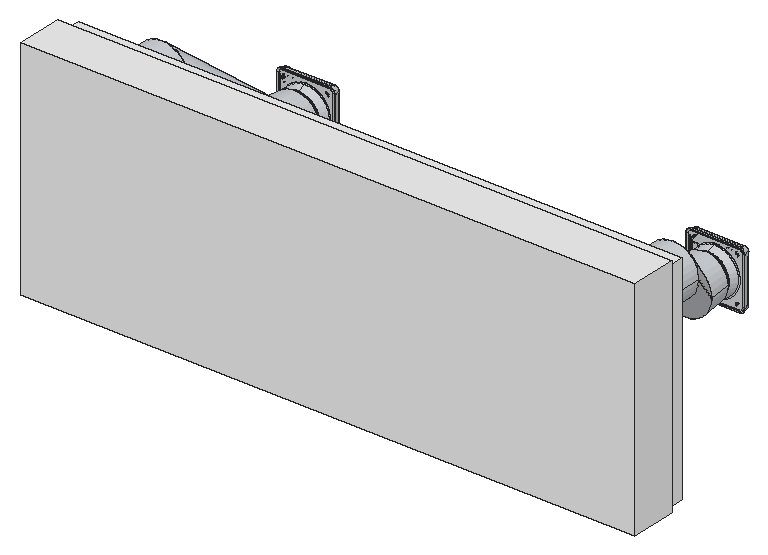
Revit family "57_CRD_ME_Sensa_H2X", category Mechanical Equipment, Revit 2020
Family settings
  Round Connector Dimension = Use Diameter
  Classification = None
  Part Type = Normal
  Work Plane-Based = Yes
  Always vertical = Yes
  Cut with Voids When Loaded = Yes
  Shared = No
  Room Calculation Point = Yes
Parameters (values of type "1320  x 485 x 142")
  voltage = 230 V  # constant formula
  schacht = yes
  ruimte_onder_unit = borstwering - hoogte  # 50 mm
  roosters_hoh_maat [instance] = 880 mm
  rooster_offset_X_rechts [instance] = roosters_hoh_maat - hoh_ventilatie_doorvoeren + rooster_offset_X_links  # -109 mm
  rooster_offset_X_links_vrij_invullen [instance] = 0 mm
  positie_wcd_uit_hart_unit = 750 mm  # constant formula
  rooster_offset_Y [instance] = -150 mm
  rooster_offset_X_links [instance] = if(hart_roosters_gelijk_aan_hart_unit, (hoh_ventilatie_doorvoeren - roosters_hoh_maat) / 2, rooster_offset_X_links_vrij_invullen)  # 109 mm
  muurrooster_waalformaat [instance] = not(muurrooster_vierkant)  # no
  muurrooster_vierkant [instance] = yes
  materiaal_rooster [instance] = none
  materiaal_unit [instance] = aluminium_RAL_9016
  materiaal_kanaal [instance] = none
  hart_roosters_gelijk_aan_hart_unit [instance] = yes
  dikte_binnenspouwblad [instance] = 100 mm
  lengte = 1320 mm  # constant formula
  hoogte = 485 mm  # constant formula
  hoh_ventilatie_doorvoeren = 549 mm * 2  # 1098 mm
  hart_wcd_tov_vloerpeil = 117 mm  # constant formula
  hart_doorvoer_tov_ok_kast = 367 mm  # constant formula
  eis_offset_Y [instance] = "negatief getal ivm ontwatering"  # constant formula
  dikte_spouwconstructie [instance] = 350 mm
  diepte = 142 mm  # constant formula
  diameter_aansluiting [instance] = if(connection_diameter_110, 110 mm, 150 mm)  # 110 mm
  debiet_m3h_maximaal [instance] = 125.00 m³  # constant formula
  debiet_m3h [instance] = 100.00 m³
  debiet_Ls [instance] = debiet_m3h / 3600.0 s  # 27.7778 L/s
  connection_diameter_150 [instance] = 1 > 2  # no
  connection_diameter_110 [instance] = 2 > 1  # yes
  borstwering = 535 mm
  Model = "Sensa H2X"  # constant formula
  Manufacturer = "ClimaRad"  # constant formula
  Description = "ClimaRad Sensa H2X ventilatie-unit"  # constant formula
  Default Elevation = 1219.2 mm
Reference planes
  plane 1 "Center (Front/Back)": y = 0
  plane 2: z = 0
  plane 3 "Center (Left/Right)": x = 0
  plane 4: x = -660
  plane 5: x = 660
  plane 6: y = -142
  plane 7 "onderkant": z = 50
  plane 8 "bovenkant": z = 535
  plane 9: y = 350
  plane 10: y = -42
  plane 11: x = -648
  plane 12: x = 648
  plane 13: z = 52.5
  plane 14: z = 517.5
  plane 15 "hart_doorvoer": z = 417
  plane 16: x = -549
  plane 17: x = 549
  plane 18: x = -750
  plane 19 "wcd": z = 117
Forms (mm)
  Extrusion 1, solid, material "aluminium_RAL_9016" <- "materiaal_unit"
    sketch origin (0, 0, 0) x (1, 0, 0) y (0, 0, 1)
      loop
        line (-660, 535) -> (-660, 50) -> (660, 50) -> (660, 535) -> (-660, 535)
    from 42 to 142
  Extrusion 2, solid, material "aluminium_RAL_9016" <- "materiaal_unit"
    sketch origin (0, 0, 0) x (1, 0, 0) y (0, 0, 1)
      loop
        line (-648, 517.5) -> (-648, 52.5) -> (648, 52.5) -> (648, 517.5) -> (-648, 517.5)
    from 0 to 42
Dimensions and locks
  equal spacing: plane 4, plane 3 "Center (Left/Right)", plane 5
  "lengte": plane 4 to plane 5
  "diepte": plane 6 to plane 1 "Center (Front/Back)"
  "hoogte": plane 8 "bovenkant" to plane 7 "onderkant"
  "borstwering": plane 8 "bovenkant" to plane 2
  "dikte_spouwconstructie": plane 9 to plane 1 "Center (Front/Back)"
  locked: plane 10 to plane 1 "Center (Front/Back)" at 42
  equal spacing: plane 11, plane 3 "Center (Left/Right)", plane 12
  plane 11 to plane 12 = 1296 mm
  locked: plane 8 "bovenkant" to plane 14 at 17.5
  locked: plane 13 to plane 7 "onderkant" at 2.5
  "hart_doorvoer_tov_ok_kast": plane 15 "hart_doorvoer" to plane 7 "onderkant"
  equal spacing: plane 17, plane 3 "Center (Left/Right)", plane 16
  "hoh_ventilatie_doorvoeren": plane 17 to plane 16
  "positie_wcd_uit_hart_unit": plane 3 "Center (Left/Right)" to plane 18
  "hart_wcd_tov_vloerpeil": plane 19 "wcd" to plane 2
  aligned and locked: level to plane 2
  aligned and locked: Extrusion 1 sketch curve to plane 8 "bovenkant"
  aligned and locked: plane 4 to Extrusion 1 sketch curve
  aligned and locked: Extrusion 1 sketch curve to plane 7 "onderkant"
  aligned and locked: Extrusion 1 sketch curve to plane 5
  aligned and locked: Extrusion 1 to plane 6
  aligned and locked: plane 10 to Extrusion 1
  aligned and locked: Extrusion 2 sketch curve to plane 14
  aligned and locked: plane 11 to Extrusion 2 sketch curve
  aligned and locked: plane 13 to Extrusion 2 sketch curve
  aligned and locked: Extrusion 2 sketch curve to plane 12
  aligned and locked: Extrusion 2 to plane 10
  aligned and locked: nested 1 to plane 1 "Center (Front/Back)"
  aligned and locked: nested 1 to plane 16
  aligned and locked: nested 3 to plane 1 "Center (Front/Back)"
  aligned and locked: nested 3 to plane 17
Nested families
  nested 1: "57_CRD_AT_aansluiting_muurrooster_flex" at (-549, 0, 417) x (-1, 0, 0) z (0, 0, 1), materiaal_rooster <- "materiaal_rooster", diepte <- "dikte_spouwconstructie", lengte_recht_deel_aansluiting <- "dikte_binnenspouwblad", offset_X <- "rooster_offset_X_rechts", offset_Y <- "rooster_offset_Y", Connection Diameter 150 <- "connection_diameter_150", muurrooster_waalformaat <- "muurrooster_waalformaat", materiaal_kanaal <- "materiaal_kanaal", type "Grille"
    with rekenwaarde_offset_Y 850 mm, rekenwaarde_offset_X 891 mm, offset_Y -150 mm, offset_X -109 mm, muurrooster_waalformaat no, muurrooster_vierkant yes, materiaal_rooster none, materiaal_kanaal none, lengte_recht_deel_aansluiting 100 mm, diepte 350 mm, Tube Length 320 mm, R 55 mm, Diameter 110 mm, Connection Diameter 150 no, Connection Diameter 110 yes, Connection Diameter 110 mm
  nested 2: "Square Grille" at (-440, 350.025, 267) x (-1, 0, 0) z (0, 0, 1), type "Square Grille"
    with materiaal none, Function Code ""
  nested 3: "57_CRD_AT_aansluiting_muurrooster_flex" at (549, 0, 417) x (-1, 0, 0) z (0, 0, 1), materiaal_rooster <- "materiaal_rooster", diepte <- "dikte_spouwconstructie", lengte_recht_deel_aansluiting <- "dikte_binnenspouwblad", offset_X <- "rooster_offset_X_links", offset_Y <- "rooster_offset_Y", Connection Diameter 150 <- "connection_diameter_150", muurrooster_waalformaat <- "muurrooster_waalformaat", materiaal_kanaal <- "materiaal_kanaal", type "Grille"
    with rekenwaarde_offset_Y 850 mm, rekenwaarde_offset_X 1109 mm, offset_Y -150 mm, offset_X 109 mm, muurrooster_waalformaat no, muurrooster_vierkant yes, materiaal_rooster none, materiaal_kanaal none, lengte_recht_deel_aansluiting 100 mm, diepte 350 mm, Tube Length 320 mm, R 55 mm, Diameter 110 mm, Connection Diameter 150 no, Connection Diameter 110 yes, Connection Diameter 110 mm
  nested 4: "Square Grille" at (440, 350.025, 267) x (-1, 0, 0) z (0, 0, 1), type "Square Grille"
    with materiaal none, Function Code ""
Connectors
  hvac at (-549, 0, 417), driven by "diameter_aansluiting", driven by "debiet_Ls"
    settings: on nested 1, index 3, duct flow 27.7778 L/s, flow factor 0, pres drop 0.0 Pa, loss coef 0, conn angle 0.00°, conn width 304.8 mm, conn height 304.8 mm, conn diameter 110 mm, duct sys type 2, conn prof type 0, flow config 1, flow direction 2, loss method 0, conn ref index -1, conn util no, is conn primary yes, conn desc ""
  hvac at (549, 0, 417), driven by "diameter_aansluiting", driven by "debiet_Ls"
    settings: on nested 3, index 4, duct flow 27.7778 L/s, flow factor 0, pres drop 0.0 Pa, loss coef 0, conn angle 0.00°, conn width 304.8 mm, conn height 304.8 mm, conn diameter 110 mm, duct sys type 1, conn prof type 0, flow config 1, flow direction 1, loss method 0, conn ref index -1, conn util no, is conn primary no, conn desc ""
  electrical at (0, 0, 285), driven by "voltage"
    settings: on Extrusion 2, index 5, voltage 230 V, apparent load 0 VA, apparent load phase1 0 VA, apparent load phase2 0 VA, apparent load phase3 0 VA, power factor 1, load classification "Other", number of poles 1, system type 31, power factor state 1, is connector primary yes, connector utility no, sub classification motor no, connector description ""
Definition of nested family "57_CRD_AT_aansluiting_muurrooster_flex"
  Parameters (values of type "Grille")
    rekenwaarde_offset_Y [instance] = offset_Y + 1000 mm  # 1850 mm
    rekenwaarde_offset_X [instance] = offset_X + 1000 mm  # 1850 mm
    offset_Y [instance] = 850 mm
    offset_X [instance] = 850 mm
    muurrooster_waalformaat [instance] = yes
    muurrooster_vierkant [instance] = not(muurrooster_waalformaat)  # no
    materiaal_rooster [instance] = none
    materiaal_kanaal [instance] = none
    lengte_recht_deel_aansluiting [instance] = 100 mm
    diepte [instance] = 600 mm
    Width = 210 mm
    Watermarked By = ""
    URL = "www.stabiplan.com"
    Tube Length [instance] = if(muurrooster_waalformaat, diepte - 80 mm, diepte - 30 mm)  # 520 mm
    R [instance] = Connection Diameter / 2  # 75 mm
    Model = ""
    Manufacturer = "ClimaRad"  # constant formula
    IFCExportType = "GRILLE"  # constant formula
    IFCExportAs = "IfcAirTerminal"  # constant formula
    Height = 53 mm
    Diameter [instance] = Connection Diameter  # 150 mm
    Description = ""
    Depth = 7.5 mm
    Default Elevation = 1219.2 mm
    Connection Diameter 150 [instance] = yes
    Connection Diameter 110 [instance] = not(Connection Diameter 150)  # no
    Connection Diameter [instance] = if(Connection Diameter 110, 110 mm, 150 mm)  # 150 mm
    Keynote = "﻿﻿​        ﻿﻿  ﻿ ﻿   ﻿ ﻿ ﻿     ﻿   ﻿ ﻿  ﻿﻿ ﻿     ​                      ﻿     ﻿     ​         ​              ﻿                           ​﻿﻿"
    Type Comments = "﻿﻿​        ﻿﻿  ﻿ ﻿   ﻿ ﻿ ﻿     ﻿   ﻿ ﻿  ﻿﻿ ﻿     ​                      ﻿     ﻿     ​         ​              ﻿                           ​﻿﻿"
    Assembly Code = "﻿﻿​        ﻿﻿  ﻿ ﻿   ﻿ ﻿ ﻿     ﻿   ﻿ ﻿  ﻿﻿ ﻿     ​                      ﻿     ﻿     ​         ​              ﻿                           ​﻿﻿"
  Reference planes
    plane 1 "Center (Front/Back)": y = 0
    plane 2: z = 0
    plane 3 "Center (Left/Right)": x = 0
    plane 4: y = -340.025
    plane 5: x = 43
    plane 6: x = -43
    plane 7 "achterkant_rooster": y = -520
    plane 8: x = -1000
    plane 9: z = -1000
    plane 10: x = 850
    plane 11 "level_muurrooster": z = 850
    plane 12 "asp_rooster": y = -470.025
    plane 13 "ventura_ASP": y = -100
    plane 14: y = -550.025
    plane 15: y = -600.025
  Forms (mm)
    Extrusion 1, solid, material <- "materiaal_kanaal"
      sketch origin (0, -100, 0) x (-1, 0, 0) y (0, 0, 1)
        loop
          circle (0, 0) r 75
      from 0 to 100
    Blend 2, solid, material <- "materiaal_kanaal"
      base sketch origin (0, -100, 0) x (-1, 0, 0) y (0, 0, 1)
        loop
          circle (0, 0) r 75
      top sketch origin (0, -470.025, 0) x (-1, 0, 0) y (0, 0, 1)
        loop
          circle (-850, 850.501) r 75
      from 0 to 0
    SweptBlend 3, solid, material <- "materiaal_kanaal"
      path origin (0, -430.025, 850) x (-1, 0, 0) y (0, -1, 0)
        loop
          line (-850, 40) -> (-850, 89.975)
      profile origin (850, -470.025, 850) x (1, 0, 0) y (0, 0, 1)
        loop
          circle (0, 0.501) r 75
      end profile origin (850, -520, 850) x (1, 0, 0) y (0, 0, 1)
        loop
          circle (0, 0.501) r 50
  Lines and regions (mm)
    model lines
      curve 1: line (850, -470.025, 850) -> (850, -520, 850)
  Dimensions and locks
    equal spacing: plane 6, plane 3 "Center (Left/Right)", plane 5
    locked: plane 6 to plane 5 at 86
    plane 1 "Center (Front/Back)" to plane 4 = 340.025 mm
    plane 7 "achterkant_rooster" to plane 1 "Center (Front/Back)" = 520 mm
    locked: plane 3 "Center (Left/Right)" to plane 8 at 1000
    locked: plane 2 to plane 9 at 1000
    "rekenwaarde_offset_Y": plane 11 "level_muurrooster" to plane 9
    "rekenwaarde_offset_X": plane 10 to plane 8
    locked: plane 14 to plane 15 at 50
    "Tube Length": plane 7 "achterkant_rooster" to plane 1 "Center (Front/Back)"
    locked: plane 7 "achterkant_rooster" to plane 12 "asp_rooster" at 49.975
    locked: plane 15 to plane 7 "achterkant_rooster" at 80.025
    "lengte_recht_deel_aansluiting": plane 1 "Center (Front/Back)" to plane 13 "ventura_ASP"
    "Diameter": diameter of Extrusion 1 sketch curve
    "Diameter": diameter of Blend 2 sketch curve  (x2)
    "Diameter": diameter of SweptBlend 3 sketch curve
    aligned and locked: level to plane 2
    aligned and locked: plane 7 "achterkant_rooster" to SweptBlend 3 sketch curve
    aligned and locked: SweptBlend 3 sketch curve to plane 12 "asp_rooster"
    aligned and locked: plane 10 to nested 1
    aligned and locked: plane 14 to nested 2
    aligned and locked: plane 10 to nested 2
    aligned and locked: plane 15 to nested 1
    aligned and locked: Extrusion 1 to plane 1 "Center (Front/Back)"
  Automatic sketch dimensions
    plane 7 "achterkant_rooster" to curve 1 = 0 mm
    curve 1 to plane 10 = 0 mm
    curve 1 to plane 12 "asp_rooster" = 0 mm
    SweptBlend 3 sketch curve to plane 10 = 0 mm
    profile plane to SweptBlend 3 sketch curve = 0 mm  (x2)
    plane 11 "level_muurrooster" to SweptBlend 3 sketch curve = 0.501 mm  (x2)
    Extrusion 1 sketch curve to level = 0 mm
    Extrusion 1 sketch curve to plane 3 "Center (Left/Right)" = 0 mm
    Blend 2 sketch curve to level = 0 mm
    Blend 2 sketch curve to plane 3 "Center (Left/Right)" = 0 mm
    Blend 2 sketch curve to Blend 2 sketch curve = 0 mm  (x2)
    plane 10 to Blend 2 sketch curve = 0 mm
    plane 11 "level_muurrooster" to Blend 2 sketch curve = 0.501 mm
    radius of SweptBlend 3 sketch curve = 50 mm
  Nested families
    nested 1: "Rectangular Grille" at (850, -600.025, 850), materiaal <- "materiaal_rooster", visible <- "muurrooster_waalformaat", type "Rectangular Grille"
      with materiaal none, Function Code "", Default Elevation 0 mm
    nested 2: "Square Grille" at (850, -550.025, 850), materiaal <- "materiaal_rooster", visible <- "muurrooster_vierkant", type "Square Grille"
      with materiaal none, Function Code ""
  Definition of nested family "Rectangular Grille"
    Parameters (values of type "Rectangular Grille")
      Width = 210 mm
      Wholesaler Art. No. = ""
      Wholesaler = ""
      materiaal [instance] = none
      Watermarked By = "www.stabiplan.com"
      URL = "www.stabiplan.com"
      Type Comments = "﻿﻿ ﻿ ﻿﻿﻿﻿﻿﻿          ​          ﻿       ﻿   ﻿  ﻿  ﻿  ﻿​     ​​  ​​   ​​   ﻿﻿     ​      ​​  ​​      ﻿     ﻿   ﻿      ﻿  ﻿﻿"
      Stabu Code = ""
      Revit Version = "2014"  # constant formula
      Product Line = "ClimaRad"
      Model = "53x210"
      Manufacturer URL = "www.climarad.com"
      Manufacturer Art. No. = "3511103"
      Manufacturer = "ClimaRad"
      MEPcontent Class = "GRILLE"  # constant formula
      Keynote = "﻿﻿ ﻿ ﻿﻿﻿﻿﻿﻿          ​          ﻿       ﻿   ﻿  ﻿  ﻿  ﻿​     ​​  ​​   ​​   ﻿﻿     ​      ​​  ​​      ﻿     ﻿   ﻿      ﻿  ﻿﻿"
      Internal Art. No. = ""
      IFCExportType = "GRILLE"  # constant formula
      IFCExportAs = "IfcAirTerminalType"  # constant formula
      Height = 53 mm
      GTIN = ""
      Function Code [instance] = ""
      Family Version = "10.04"  # constant formula
      ETIM Article Class = "EC001297"
      EMCS Version = "2.0"  # constant formula
      Description = "Aluminium brick"
      Depth = 7.5 mm
      Default Elevation = 1219.2 mm
      Custom = no
      Copyright = "© Stabiplan International BV"  # constant formula
      Content Supplier URL = "www.mepcontent.eu"
      CB-NL Class = ""
      Assembly Code = "﻿﻿ ﻿ ﻿﻿﻿﻿﻿﻿          ​          ﻿       ﻿   ﻿  ﻿  ﻿  ﻿​     ​​  ​​   ​​   ﻿﻿     ​      ​​  ​​      ﻿     ﻿   ﻿      ﻿  ﻿﻿"
      Article Type = "53x210"
      Article Description = "Aluminium brick"
    Reference planes
      plane 1 "Center (Front/Back)": y = 0
      plane 2: z = 0
      plane 3 "Center (Left/Right)": x = 0
      plane 4: y = 90
    Forms (mm)
      Revolve 1, solid, material <- "materiaal", detail levels fine
        sketch origin (0, 50, 0) x (0, 1, 0) y (0, 0, 1)
          loop
            arc (39.018, 42.11) -> (39.963, 43.055) -> (39.018, 44) r 0.945
            line (39.018, 44) -> (38.22, 44)
            arc (38.22, 44) -> (37.144, 44.34) -> (36.461, 45.238) r 1.868
            line (36.461, 45.238) -> (36.176, 46.035)
            arc (36.176, 46.035) -> (35.58, 46.509) -> (34.985, 46.035) r 0.611
            line (34.985, 46.035) -> (34.985, 44.473)
            arc (34.985, 44.473) -> (34.391, 43.99) -> (33.796, 44.473) r 0.607
            line (33.796, 44.473) -> (33.796, 46.019)
            arc (33.796, 46.019) -> (33.188, 46.501) -> (32.58, 46.019) r 0.625
            line (32.58, 46.019) -> (32.287, 45.206)
            arc (32.287, 45.206) -> (31.587, 44.307) -> (30.491, 43.995) r 1.834
            line (30.491, 43.995) -> (29.298, 43.995)
            arc (29.298, 43.995) -> (28.157, 44.349) -> (27.417, 45.286) r 2.015
            line (27.417, 45.286) -> (27.157, 46.035)
            arc (27.157, 46.035) -> (26.562, 46.509) -> (25.966, 46.035) r 0.611
            line (25.966, 46.035) -> (25.966, 44.473)
            arc (25.966, 44.473) -> (25.372, 43.99) -> (24.777, 44.473) r 0.607
            line (24.777, 44.473) -> (24.777, 46.019)
            arc (24.777, 46.019) -> (24.169, 46.501) -> (23.561, 46.019) r 0.625
            line (23.561, 46.019) -> (23.268, 45.206)
            arc (23.268, 45.206) -> (22.536, 44.329) -> (21.442, 44) r 1.985
            line (21.442, 44) -> (0, 44) -> (0, 42.11) -> (39.018, 42.11)
          axis (39.018, 0) -> (0, 0)
        angle from 0 to 360
      Sweep 2, solid, material <- "materiaal", detail levels fine
        path origin (0, 0, 0) x (1, 0, 0) y (0, 0, 1)
          loop
            line (-104, 25.5) -> (-104, -25.5) -> (104, -25.5) -> (104, 25.5) -> (-104, 25.5)
        profile origin (0, 0, 25.5) x (0, 0, 1) y (0, -1, 0)
          loop
            line (-3.5, 6.5) -> (-0.973, 6.5)
            arc (-0.973, 6.5) -> (-0.285, 6.215) -> (0, 5.527) r 0.973
            line (0, 5.527) -> (0, 0) -> (1, 0) -> (1, 5.549)
            arc (1, 5.549) -> (0.429, 6.929) -> (-0.951, 7.5) r 1.951
            line (-0.951, 7.5) -> (-3.5, 7.5) -> (-3.5, 6.5)
      Extrusion 3, solid, material <- "materiaal", detail levels fine
        sketch origin (0, 0, 0) x (0, 1, 0) y (0, 0, 1)
          loop
            line (13.466, 12.788) -> (0.018, 16.392)
            arc (0.018, 16.392) -> (-0.847, 16.43) -> (-1.647, 16.098) r 2
            line (-1.647, 16.098) -> (-7.5, 12) -> (-6.926, 11.181) -> (-1.074, 15.279)
            arc (-1.074, 15.279) -> (-0.674, 15.445) -> (-0.241, 15.426) r 1
            line (-0.241, 15.426) -> (13.207, 11.822) -> (13.466, 12.788)
          loop
            line (13.466, 0.788) -> (0.018, 4.392)
            arc (0.018, 4.392) -> (-0.847, 4.43) -> (-1.647, 4.098) r 2
            line (-1.647, 4.098) -> (-7.5, 0) -> (-6.926, -0.819) -> (-1.074, 3.279)
            arc (-1.074, 3.279) -> (-0.674, 3.445) -> (-0.241, 3.426) r 1
            line (-0.241, 3.426) -> (13.207, -0.178) -> (13.466, 0.788)
          loop
            line (13.466, -11.212) -> (0.018, -7.608)
            arc (0.018, -7.608) -> (-0.847, -7.57) -> (-1.647, -7.902) r 2
            line (-1.647, -7.902) -> (-7.5, -12) -> (-6.926, -12.819) -> (-1.074, -8.721)
            arc (-1.074, -8.721) -> (-0.674, -8.555) -> (-0.241, -8.574) r 1
            line (-0.241, -8.574) -> (13.207, -12.178) -> (13.466, -11.212)
        from -99.5 to 99.5
      Extrusion 4, solid, material <- "materiaal", detail levels fine
        sketch origin (0, 0, 0) x (1, 0, 0) y (0, 1, 0)
          loop
            line (-104, 0) -> (-104, -4.5)
            arc (-104, -4.5) -> (-103.414, -5.914) -> (-102, -6.5) r 2
            line (-102, -6.5) -> (-100.377, -6.5)
            arc (-100.377, -6.5) -> (-99.058, -6.004) -> (-98.394, -4.761) r 2
            line (-98.394, -4.761) -> (-95.626, 16.266)
            arc (-95.626, 16.266) -> (-95.531, 17.224) -> (-95.5, 18.185) r 14.704
            line (-95.5, 18.185) -> (-95.5, 30.5) -> (-96.5, 30.5) -> (-96.5, 18.368)
            arc (-96.5, 18.368) -> (-96.535, 17.29) -> (-96.641, 16.216) r 16.483
            line (-96.641, 16.216) -> (-99.386, -4.631)
            arc (-99.386, -4.631) -> (-99.718, -5.252) -> (-100.377, -5.5) r 1
            line (-100.377, -5.5) -> (-102, -5.5)
            arc (-102, -5.5) -> (-102.707, -5.207) -> (-103, -4.5) r 1
            line (-103, -4.5) -> (-103, 0) -> (-104, 0)
          loop
            line (104, 0) -> (103, 0) -> (103, -4.5)
            arc (103, -4.5) -> (102.707, -5.207) -> (102, -5.5) r 1
            line (102, -5.5) -> (100.377, -5.5)
            arc (100.377, -5.5) -> (99.718, -5.252) -> (99.386, -4.631) r 1
            line (99.386, -4.631) -> (96.641, 16.216)
            arc (96.641, 16.216) -> (96.535, 17.29) -> (96.5, 18.368) r 16.483
            line (96.5, 18.368) -> (96.5, 30.5) -> (95.5, 30.5) -> (95.5, 18.185)
            arc (95.5, 18.185) -> (95.531, 17.224) -> (95.626, 16.266) r 14.704
            line (95.626, 16.266) -> (98.394, -4.761)
            arc (98.394, -4.761) -> (99.058, -6.004) -> (100.377, -6.5) r 2
            line (100.377, -6.5) -> (102, -6.5)
            arc (102, -6.5) -> (103.414, -5.914) -> (104, -4.5) r 2
            line (104, -4.5) -> (104, 0)
        from -22.5 to 22.483
      Extrusion 5, void
        sketch origin (0, 0, 0) x (0, 1, 0) y (0, 0, 1)
          loop
            line (28.768, 10) -> (30.5, 9) -> (30.5, 22.483) -> (11.436, 22.483) -> (15.5, 20.116) -> (15.5, 10) -> (28.768, 10)
          loop
            line (28.768, -10) -> (15.5, -10) -> (15.5, -20.116) -> (11.436, -22.483) -> (30.5, -22.483) -> (30.5, -9) -> (28.768, -10)
        from -105 to 105
      Extrusion 6, solid, material <- "materiaal", detail levels fine
        sketch origin (0, 120.385, -0.738) x (0, 1, 0) y (0, 0, 1)
          loop
            line (-119.375, 17.238) -> (-106.375, 13.755) -> (-106.375, 11.722) -> (-119.375, 8.238) -> (-119.375, 5.238) -> (-106.375, 1.755) -> (-106.375, -0.278) -> (-119.375, -3.762) -> (-119.375, -6.762) -> (-106.375, -10.245) -> (-106.375, -12.278) -> (-119.375, -15.762) -> (-119.375, -21.951) -> (-88.885, -21.684) -> (-88.885, 23.161) -> (-119.375, 23.427) -> (-119.375, 17.238)
        from -30.489 to -29.481
      Extrusion 7, solid, material <- "materiaal", detail levels fine
        sketch origin (0, 120.385, -0.738) x (0, 1, 0) y (0, 0, -1)
          loop
            line (-119.375, -17.238) -> (-119.375, -23.427) -> (-88.885, -23.161) -> (-88.885, 21.684) -> (-119.375, 21.951) -> (-119.375, 15.762) -> (-106.375, 12.278) -> (-106.375, 10.245) -> (-119.375, 6.762) -> (-119.375, 3.762) -> (-106.375, 0.278) -> (-106.375, -1.755) -> (-119.375, -5.238) -> (-119.375, -8.238) -> (-106.375, -11.722) -> (-106.375, -13.755) -> (-119.375, -17.238)
        from -30.489 to -29.481
      Extrusion 8, solid, material <- "materiaal", detail levels fine
        sketch origin (0, 0, 0) x (1, 0, 0) y (0, 0, 1)
          loop
            line (-104, 25.5) -> (-104, -25.5) -> (104, -25.5) -> (104, 25.5) -> (-104, 25.5)
          loop
            line (-103, 24.5) -> (-103, -24.5) -> (103, -24.5) -> (103, 24.5) -> (-103, 24.5)
        from 0 to -30.5
      SweptBlend 9, solid, material <- "materiaal", detail levels fine
        path in 3D
          loop
            line (0, 50, 0) -> (0, 30.5, 0)
        profile origin (0, 50, 0) x (1, 0, 0) y (0, 0, 1)
          loop
            arc (-32.665, 29.479) -> (-43.863, -3.472) -> (-27.619, -34.252) r 44
            arc (-27.619, -34.252) -> (-3.022, -43.896) -> (22.666, -37.713) r 44
            arc (22.666, -37.713) -> (43.292, -7.859) -> (34.475, 27.34) r 44
            arc (34.475, 27.34) -> (1.401, 43.978) -> (-32.665, 29.479) r 44
        end profile origin (0, 30.5, 0) x (1, 0, 0) y (0, 0, 1)
          loop
            line (-104, 25.5) -> (-104, -25.5) -> (104, -25.5) -> (104, 25.5) -> (-104, 25.5)
      Extrusion 10, solid, detail levels coarse+medium
        sketch origin (0, 0, 0) x (1, 0, 0) y (0, 0, 1)
          loop
            circle (0, 0) r 46.019
        from -90 to -50
      Extrusion 11, solid, detail levels coarse+medium
        sketch origin (0, 0, 0) x (1, 0, 0) y (0, 1, 0)
          loop
            line (-105, -7.5) -> (105, -7.5) -> (105, 30.18) -> (44, 50) -> (-44, 50) -> (-105, 30.18) -> (-105, -7.5)
        from -26.5 to 26.5
    Cuts and joins
      Extrusion 5 cuts Revolve 1
      Extrusion 5 cuts Extrusion 4
    Lines and regions (mm)
      sketch lines
        curve 1: line (0, 50, 0) -> (0, 30.5, 0)
    Dimensions and locks
      plane 1 "Center (Front/Back)" to plane 4 = 90 mm
      Extrusion 11 sketch curve to plane 1 "Center (Front/Back)" = 7.5 mm
      Extrusion 11 sketch curve to plane 3 "Center (Left/Right)" to Extrusion 11 sketch curve = 105 mm, 105 mm
      diameter of Extrusion 10 sketch curve = 92.038 mm
      aligned and locked: level to plane 2
      aligned and locked: Sweep 2 to Extrusion 5  (x2)
      aligned and locked: plane 4 to Extrusion 10
      aligned and locked: Extrusion 11 to Sweep 2  (x2)
  Definition of nested family "Square Grille"
    Parameters (values of type "Square Grille")
      Width = 127 mm
      Wholesaler Art. No. = ""
      Wholesaler = ""
      materiaal [instance] = none
      Watermarked By = "www.stabiplan.com"
      URL = "www.stabiplan.com"
      Type Comments = "﻿﻿  ​                        ﻿﻿       ​      ﻿      ﻿                  ﻿                         ﻿​  ​ ﻿      ​   ﻿﻿"
      Stabu Code = ""
      Revit Version = "2014"  # constant formula
      Product Line = "ClimaRad"
      Model = "127x127"
      Manufacturer URL = "www.climarad.com"
      Manufacturer Art. No. = "3511203"
      Manufacturer = "ClimaRad"
      MEPcontent Class = "GRILLE"  # constant formula
      Keynote = "﻿﻿  ​                        ﻿﻿       ​      ﻿      ﻿                  ﻿                         ﻿​  ​ ﻿      ​   ﻿﻿"
      Internal Art. No. = ""
      IFCExportType = "GRILLE"  # constant formula
      IFCExportAs = "IfcAirTerminalType"  # constant formula
      Height = 127 mm
      GTIN = ""
      Function Code [instance] = ""
      Family Version = "10.04"  # constant formula
      ETIM Article Class = "EC001297"
      EMCS Version = "2.0"  # constant formula
      Description = "Aluminium set up grid"
      Depth = 14 mm
      Default Elevation = 1219.2 mm
      Custom = no
      Copyright = "© Stabiplan International BV"  # constant formula
      Content Supplier URL = "www.mepcontent.eu"
      CB-NL Class = ""
      Assembly Code = ""
      Article Type = "127x127"
      Article Description = "Aluminium set up grid"
    Reference planes
      plane 1 "Center (Front/Back)": y = 0
      plane 2: z = 0
      plane 3 "Center (Left/Right)": x = 0
    Forms (mm)
      Revolve 1, solid, material <- "materiaal", detail levels fine
        sketch origin (0, 0, 0) x (0, 1, 0) y (0, 0, 1)
          loop
            arc (39.018, 42.11) -> (39.963, 43.055) -> (39.018, 44) r 0.945
            line (39.018, 44) -> (38.22, 44)
            arc (38.22, 44) -> (37.144, 44.34) -> (36.461, 45.238) r 1.868
            line (36.461, 45.238) -> (36.176, 46.035)
            arc (36.176, 46.035) -> (35.58, 46.509) -> (34.985, 46.035) r 0.611
            line (34.985, 46.035) -> (34.985, 44.473)
            arc (34.985, 44.473) -> (34.391, 43.99) -> (33.796, 44.473) r 0.607
            line (33.796, 44.473) -> (33.796, 46.019)
            arc (33.796, 46.019) -> (33.188, 46.501) -> (32.58, 46.019) r 0.625
            line (32.58, 46.019) -> (32.287, 45.206)
            arc (32.287, 45.206) -> (31.587, 44.307) -> (30.491, 43.995) r 1.834
            line (30.491, 43.995) -> (29.298, 43.995)
            arc (29.298, 43.995) -> (28.157, 44.349) -> (27.417, 45.286) r 2.015
            line (27.417, 45.286) -> (27.157, 46.035)
            arc (27.157, 46.035) -> (26.562, 46.509) -> (25.966, 46.035) r 0.611
            line (25.966, 46.035) -> (25.966, 44.473)
            arc (25.966, 44.473) -> (25.372, 43.99) -> (24.777, 44.473) r 0.607
            line (24.777, 44.473) -> (24.777, 46.019)
            arc (24.777, 46.019) -> (24.169, 46.501) -> (23.561, 46.019) r 0.625
            line (23.561, 46.019) -> (23.268, 45.206)
            arc (23.268, 45.206) -> (22.536, 44.329) -> (21.442, 44) r 1.985
            line (21.442, 44) -> (20.411, 44)
            arc (20.411, 44) -> (19.937, 44.038) -> (19.476, 44.149) r 3.01
            line (19.476, 44.149) -> (1.763, 49.941)
            arc (1.763, 49.941) -> (0.593, 50.723) -> (0, 52) r 2.607
            line (0, 52) -> (0, 48.544) -> (17.33, 42.775)
            arc (17.33, 42.775) -> (19.355, 42.277) -> (21.434, 42.11) r 12.994
            line (21.434, 42.11) -> (39.018, 42.11)
          axis (39.018, 0) -> (0, 0)
        angle from 0 to 360
      Sweep 2, solid, material <- "materiaal", detail levels fine
        path origin (0, 0, 0) x (1, 0, 0) y (0, 0, 1)
          loop
            arc (-53.079, -51.114) -> (-52.503, -52.503) -> (-51.114, -53.079) r 1.965
            line (-51.114, -53.079) -> (51.075, -53.079)
            arc (51.075, -53.079) -> (52.492, -52.492) -> (53.079, -51.075) r 2.004
            line (53.079, -51.075) -> (53.079, 51.126)
            arc (53.079, 51.126) -> (52.507, 52.507) -> (51.126, 53.079) r 1.953
            line (51.126, 53.079) -> (-51.079, 53.079)
            arc (-51.079, 53.079) -> (-52.493, 52.493) -> (-53.079, 51.079) r 2
            line (-53.079, 51.079) -> (-53.079, -51.114)
        profile origin (-53.079, 0, -0.018) x (-1, 0, 0) y (0, -1, 0)
          loop
            line (9.386, 0) -> (10.421, 0) -> (7.067, 12.518)
            arc (7.067, 12.518) -> (6.353, 13.587) -> (5.135, 14) r 2
            line (5.135, 14) -> (3.864, 14)
            arc (3.864, 14) -> (2.455, 13.438) -> (1.82, 12.06) r 2.048
            line (1.82, 12.06) -> (1.498, 5.921)
            arc (1.498, 5.921) -> (1.033, 4.912) -> (0, 4.5) r 1.5
            line (0, 4.5) -> (0, 3.5)
            arc (0, 3.5) -> (1.721, 4.187) -> (2.497, 5.869) r 2.5
            line (2.497, 5.869) -> (2.821, 12.065)
            arc (2.821, 12.065) -> (3.095, 12.726) -> (3.757, 13) r 0.935
            line (3.757, 13) -> (5.135, 13)
            arc (5.135, 13) -> (5.744, 12.793) -> (6.101, 12.259) r 1
            line (6.101, 12.259) -> (9.386, 0)
      Extrusion 3, solid, material <- "materiaal", detail levels fine
        sketch origin (0, 0, 0) x (0, 1, 0) y (0, 0, 1)
          loop
            line (-4.5, 53.079) -> (-4.5, 50.079)
            arc (-4.5, 50.079) -> (-4.657, 49.541) -> (-5.077, 49.172) r 1
            line (-5.077, 49.172) -> (-9.609, 47.059)
            arc (-9.609, 47.059) -> (-11.811, 45.657) -> (-13.574, 43.732) r 10
            line (-13.574, 43.732) -> (-12.755, 43.158)
            arc (-12.755, 43.158) -> (-11.168, 44.891) -> (-9.186, 46.153) r 9
            line (-9.186, 46.153) -> (-4.655, 48.266)
            arc (-4.655, 48.266) -> (-3.858, 48.933) -> (-3.5, 49.908) r 2.015
            line (-3.5, 49.908) -> (-3.5, 53.079) -> (-4.5, 53.079)
          loop
            line (-4.5, 38.479) -> (-4.5, 35.479)
            arc (-4.5, 35.479) -> (-4.657, 34.941) -> (-5.077, 34.572) r 1
            line (-5.077, 34.572) -> (-9.609, 32.459)
            arc (-9.609, 32.459) -> (-11.811, 31.057) -> (-13.574, 29.132) r 10
            line (-13.574, 29.132) -> (-12.755, 28.558)
            arc (-12.755, 28.558) -> (-11.168, 30.291) -> (-9.186, 31.553) r 9
            line (-9.186, 31.553) -> (-4.655, 33.666)
            arc (-4.655, 33.666) -> (-3.858, 34.333) -> (-3.5, 35.308) r 2.015
            line (-3.5, 35.308) -> (-3.5, 38.479) -> (-4.5, 38.479)
          loop
            line (-4.5, 23.879) -> (-4.5, 20.879)
            arc (-4.5, 20.879) -> (-4.657, 20.341) -> (-5.077, 19.972) r 1
            line (-5.077, 19.972) -> (-9.609, 17.859)
            arc (-9.609, 17.859) -> (-11.811, 16.457) -> (-13.574, 14.532) r 10
            line (-13.574, 14.532) -> (-12.755, 13.958)
            arc (-12.755, 13.958) -> (-11.168, 15.691) -> (-9.186, 16.953) r 9
            line (-9.186, 16.953) -> (-4.655, 19.066)
            arc (-4.655, 19.066) -> (-3.858, 19.733) -> (-3.5, 20.708) r 2.015
            line (-3.5, 20.708) -> (-3.5, 23.879) -> (-4.5, 23.879)
          loop
            line (-4.5, 9.279) -> (-4.5, 6.279)
            arc (-4.5, 6.279) -> (-4.657, 5.741) -> (-5.077, 5.372) r 1
            line (-5.077, 5.372) -> (-9.609, 3.259)
            arc (-9.609, 3.259) -> (-11.811, 1.857) -> (-13.574, -0.068) r 10
            line (-13.574, -0.068) -> (-12.755, -0.642)
            arc (-12.755, -0.642) -> (-11.168, 1.091) -> (-9.186, 2.353) r 9
            line (-9.186, 2.353) -> (-4.655, 4.466)
            arc (-4.655, 4.466) -> (-3.858, 5.133) -> (-3.5, 6.108) r 2.015
            line (-3.5, 6.108) -> (-3.5, 9.279) -> (-4.5, 9.279)
          loop
            line (-4.5, -5.321) -> (-4.5, -8.321)
            arc (-4.5, -8.321) -> (-4.657, -8.859) -> (-5.077, -9.228) r 1
            line (-5.077, -9.228) -> (-9.609, -11.341)
            arc (-9.609, -11.341) -> (-11.811, -12.743) -> (-13.574, -14.668) r 10
            line (-13.574, -14.668) -> (-12.755, -15.242)
            arc (-12.755, -15.242) -> (-11.168, -13.509) -> (-9.186, -12.247) r 9
            line (-9.186, -12.247) -> (-4.655, -10.134)
            arc (-4.655, -10.134) -> (-3.858, -9.467) -> (-3.5, -8.492) r 2.015
            line (-3.5, -8.492) -> (-3.5, -5.321) -> (-4.5, -5.321)
          loop
            line (-4.5, -19.921) -> (-4.5, -22.921)
            arc (-4.5, -22.921) -> (-4.657, -23.459) -> (-5.077, -23.828) r 1
            line (-5.077, -23.828) -> (-9.609, -25.941)
            arc (-9.609, -25.941) -> (-11.811, -27.343) -> (-13.574, -29.268) r 10
            line (-13.574, -29.268) -> (-12.755, -29.842)
            arc (-12.755, -29.842) -> (-11.168, -28.109) -> (-9.186, -26.847) r 9
            line (-9.186, -26.847) -> (-4.655, -24.734)
            arc (-4.655, -24.734) -> (-3.858, -24.067) -> (-3.5, -23.092) r 2.015
            line (-3.5, -23.092) -> (-3.5, -19.921) -> (-4.5, -19.921)
          loop
            line (-4.5, -34.521) -> (-4.5, -37.521)
            arc (-4.5, -37.521) -> (-4.657, -38.059) -> (-5.077, -38.428) r 1
            line (-5.077, -38.428) -> (-9.609, -40.541)
            arc (-9.609, -40.541) -> (-11.811, -41.943) -> (-13.574, -43.868) r 10
            line (-13.574, -43.868) -> (-12.755, -44.442)
            arc (-12.755, -44.442) -> (-11.168, -42.709) -> (-9.186, -41.447) r 9
            line (-9.186, -41.447) -> (-4.655, -39.334)
            arc (-4.655, -39.334) -> (-3.858, -38.667) -> (-3.5, -37.692) r 2.015
            line (-3.5, -37.692) -> (-3.5, -34.521) -> (-4.5, -34.521)
          loop
            line (-3.5, -53.079) -> (-3.5, -49.579) -> (-4.5, -49.579) -> (-4.5, -53.079) -> (-3.5, -53.079)
        from -53.079 to 53.079
      Extrusion 4, solid, material <- "materiaal", detail levels fine
        sketch origin (0, 0, 0) x (1, 0, 0) y (0, 0, 1)
          loop
            arc (-51.286, 58.331) -> (-56.267, 56.267) -> (-58.331, 51.286) r 7.045
            line (-58.331, 51.286) -> (-58.331, -51.302)
            arc (-58.331, -51.302) -> (-56.272, -56.272) -> (-51.302, -58.331) r 7.028
            line (-51.302, -58.331) -> (51.286, -58.331)
            arc (51.286, -58.331) -> (56.267, -56.267) -> (58.331, -51.286) r 7.044
            line (58.331, -51.286) -> (58.331, 51.292)
            arc (58.331, 51.292) -> (56.269, 56.269) -> (51.292, 58.331) r 7.039
            line (51.292, 58.331) -> (-51.286, 58.331)
          loop
            circle (0, 0) r 45
        from 0 to 1
      Extrusion 5, solid, material <- "materiaal", detail levels fine
        sketch origin (0, 0, 0) x (1, 0, 0) y (0, 0, 1)
          loop
            line (51.292, 58.331) -> (-51.286, 58.331)
            arc (-51.286, 58.331) -> (-56.267, 56.267) -> (-58.331, 51.286) r 7.045
            line (-58.331, 51.286) -> (-58.331, -51.302)
            arc (-58.331, -51.302) -> (-56.272, -56.272) -> (-51.302, -58.331) r 7.028
            line (-51.302, -58.331) -> (51.286, -58.331)
            arc (51.286, -58.331) -> (56.267, -56.267) -> (58.331, -51.286) r 7.044
            line (58.331, -51.286) -> (58.331, 51.292)
            arc (58.331, 51.292) -> (56.269, 56.269) -> (51.292, 58.331) r 7.039
          loop
            line (-56.331, 51.286) -> (-56.331, -51.302)
            arc (-56.331, -51.302) -> (-54.858, -54.858) -> (-51.302, -56.331) r 5.028
            line (-51.302, -56.331) -> (51.286, -56.331)
            arc (51.286, -56.331) -> (54.853, -54.853) -> (56.331, -51.286) r 5.044
            line (56.331, -51.286) -> (56.331, 51.292)
            arc (56.331, 51.292) -> (54.855, 54.855) -> (51.292, 56.331) r 5.039
            line (51.292, 56.331) -> (-51.286, 56.331)
            arc (-51.286, 56.331) -> (-54.853, 54.853) -> (-56.331, 51.286) r 5.045
        from 0 to 10
      Extrusion 6, void
        sketch origin (0, 0, 0) x (1, 0, 0) y (0, 0, 1)
          loop
            arc (-50.552, 47.697) -> (-50.552, 44.182) -> (-47.037, 44.182) r 2.486
            line (-47.037, 44.182) -> (-44.201, 47.018)
            arc (-44.201, 47.018) -> (-44.201, 50.534) -> (-47.716, 50.534) r 2.486
            line (-47.716, 50.534) -> (-50.552, 47.697)
          loop
            line (50.552, 47.697) -> (47.716, 50.534)
            arc (47.716, 50.534) -> (44.201, 50.534) -> (44.201, 47.018) r 2.486
            line (44.201, 47.018) -> (47.037, 44.182)
            arc (47.037, 44.182) -> (50.552, 44.182) -> (50.552, 47.697) r 2.486
          loop
            line (-50.552, -47.697) -> (-47.716, -50.534)
            arc (-47.716, -50.534) -> (-44.201, -50.534) -> (-44.201, -47.018) r 2.486
            line (-44.201, -47.018) -> (-47.037, -44.182)
            arc (-47.037, -44.182) -> (-50.552, -44.182) -> (-50.552, -47.697) r 2.486
          loop
            arc (50.552, -47.697) -> (50.552, -44.182) -> (47.037, -44.182) r 2.486
            line (47.037, -44.182) -> (44.201, -47.018)
            arc (44.201, -47.018) -> (44.201, -50.534) -> (47.716, -50.534) r 2.486
            line (47.716, -50.534) -> (50.552, -47.697)
        from 0 to 3.5
      Extrusion 7, solid, detail levels coarse+medium
        sketch origin (0, 0, 0) x (1, 0, 0) y (0, 0, 1)
          loop
            circle (0, 0) r 46.5
        from -40 to 0
      Extrusion 8, solid, detail levels coarse+medium
        sketch origin (0, 0, 0) x (1, 0, 0) y (0, 0, 1)
          loop
            line (-63.5, 63.5) -> (-63.5, -63.5) -> (63.5, -63.5) -> (63.5, 63.5) -> (-63.5, 63.5)
        from 0 to 14
    Cuts and joins
      Extrusion 6 cuts Revolve 1
      Extrusion 6 cuts Extrusion 4
      Extrusion 6 cuts Extrusion 5
      joined: Revolve 1, Extrusion 4, Extrusion 5
      Extrusion 6 cuts Extrusion 3
    Dimensions and locks
      plane 1 "Center (Front/Back)" to Extrusion 7 = 40 mm
      Extrusion 8 sketch curve to plane 3 "Center (Left/Right)" to Extrusion 8 sketch curve = 63.5 mm, 63.5 mm
      Extrusion 8 sketch curve to plane 2 to Extrusion 8 sketch curve = 63.5 mm, 63.5 mm
      Extrusion 8 to plane 1 "Center (Front/Back)" = 14 mm
      diameter of Extrusion 7 sketch curve = 93 mm
      aligned and locked: level to plane 2
      aligned and locked: Sweep 2 sketch curve to plane 1 "Center (Front/Back)"
      aligned and locked: Sweep 2 sketch curve to profile plane
      aligned and locked: Extrusion 4 to plane 1 "Center (Front/Back)"
      aligned and locked: plane 1 "Center (Front/Back)" to Extrusion 7
      aligned and locked: Extrusion 8 to plane 1 "Center (Front/Back)"
Definition of nested family "Square Grille"
  Parameters (values of type "Square Grille")
    Width = 127 mm
    Wholesaler Art. No. = ""
    Wholesaler = ""
    materiaal [instance] = none
    Watermarked By = "www.stabiplan.com"
    URL = "www.stabiplan.com"
    Type Comments = "﻿﻿  ​                        ﻿﻿       ​      ﻿      ﻿                  ﻿                         ﻿​  ​ ﻿      ​   ﻿﻿"
    Stabu Code = ""
    Revit Version = "2014"  # constant formula
    Product Line = "ClimaRad"
    Model = "127x127"
    Manufacturer URL = "www.climarad.com"
    Manufacturer Art. No. = "3511203"
    Manufacturer = "ClimaRad"
    MEPcontent Class = "GRILLE"  # constant formula
    Keynote = "﻿﻿  ​                        ﻿﻿       ​      ﻿      ﻿                  ﻿                         ﻿​  ​ ﻿      ​   ﻿﻿"
    Internal Art. No. = ""
    IFCExportType = "GRILLE"  # constant formula
    IFCExportAs = "IfcAirTerminalType"  # constant formula
    Height = 127 mm
    GTIN = ""
    Function Code [instance] = ""
    Family Version = "10.04"  # constant formula
    ETIM Article Class = "EC001297"
    EMCS Version = "2.0"  # constant formula
    Description = "Aluminium set up grid"
    Depth = 14 mm
    Default Elevation = 1219.2 mm
    Custom = no
    Copyright = "© Stabiplan International BV"  # constant formula
    Content Supplier URL = "www.mepcontent.eu"
    CB-NL Class = ""
    Assembly Code = ""
    Article Type = "127x127"
    Article Description = "Aluminium set up grid"
  Reference planes
    plane 1 "Center (Front/Back)": y = 0
    plane 2: z = 0
    plane 3 "Center (Left/Right)": x = 0
  Forms (mm)
    Revolve 1, solid, material <- "materiaal", detail levels fine
      sketch origin (0, 0, 0) x (0, 1, 0) y (0, 0, 1)
        loop
          arc (39.018, 42.11) -> (39.963, 43.055) -> (39.018, 44) r 0.945
          line (39.018, 44) -> (38.22, 44)
          arc (38.22, 44) -> (37.144, 44.34) -> (36.461, 45.238) r 1.868
          line (36.461, 45.238) -> (36.176, 46.035)
          arc (36.176, 46.035) -> (35.58, 46.509) -> (34.985, 46.035) r 0.611
          line (34.985, 46.035) -> (34.985, 44.473)
          arc (34.985, 44.473) -> (34.391, 43.99) -> (33.796, 44.473) r 0.607
          line (33.796, 44.473) -> (33.796, 46.019)
          arc (33.796, 46.019) -> (33.188, 46.501) -> (32.58, 46.019) r 0.625
          line (32.58, 46.019) -> (32.287, 45.206)
          arc (32.287, 45.206) -> (31.587, 44.307) -> (30.491, 43.995) r 1.834
          line (30.491, 43.995) -> (29.298, 43.995)
          arc (29.298, 43.995) -> (28.157, 44.349) -> (27.417, 45.286) r 2.015
          line (27.417, 45.286) -> (27.157, 46.035)
          arc (27.157, 46.035) -> (26.562, 46.509) -> (25.966, 46.035) r 0.611
          line (25.966, 46.035) -> (25.966, 44.473)
          arc (25.966, 44.473) -> (25.372, 43.99) -> (24.777, 44.473) r 0.607
          line (24.777, 44.473) -> (24.777, 46.019)
          arc (24.777, 46.019) -> (24.169, 46.501) -> (23.561, 46.019) r 0.625
          line (23.561, 46.019) -> (23.268, 45.206)
          arc (23.268, 45.206) -> (22.536, 44.329) -> (21.442, 44) r 1.985
          line (21.442, 44) -> (20.411, 44)
          arc (20.411, 44) -> (19.937, 44.038) -> (19.476, 44.149) r 3.01
          line (19.476, 44.149) -> (1.763, 49.941)
          arc (1.763, 49.941) -> (0.593, 50.723) -> (0, 52) r 2.607
          line (0, 52) -> (0, 48.544) -> (17.33, 42.775)
          arc (17.33, 42.775) -> (19.355, 42.277) -> (21.434, 42.11) r 12.994
          line (21.434, 42.11) -> (39.018, 42.11)
        axis (39.018, 0) -> (0, 0)
      angle from 0 to 360
    Sweep 2, solid, material <- "materiaal", detail levels fine
      path origin (0, 0, 0) x (1, 0, 0) y (0, 0, 1)
        loop
          arc (-53.079, -51.114) -> (-52.503, -52.503) -> (-51.114, -53.079) r 1.965
          line (-51.114, -53.079) -> (51.075, -53.079)
          arc (51.075, -53.079) -> (52.492, -52.492) -> (53.079, -51.075) r 2.004
          line (53.079, -51.075) -> (53.079, 51.126)
          arc (53.079, 51.126) -> (52.507, 52.507) -> (51.126, 53.079) r 1.953
          line (51.126, 53.079) -> (-51.079, 53.079)
          arc (-51.079, 53.079) -> (-52.493, 52.493) -> (-53.079, 51.079) r 2
          line (-53.079, 51.079) -> (-53.079, -51.114)
      profile origin (-53.079, 0, -0.018) x (-1, 0, 0) y (0, -1, 0)
        loop
          line (9.386, 0) -> (10.421, 0) -> (7.067, 12.518)
          arc (7.067, 12.518) -> (6.353, 13.587) -> (5.135, 14) r 2
          line (5.135, 14) -> (3.864, 14)
          arc (3.864, 14) -> (2.455, 13.438) -> (1.82, 12.06) r 2.048
          line (1.82, 12.06) -> (1.498, 5.921)
          arc (1.498, 5.921) -> (1.033, 4.912) -> (0, 4.5) r 1.5
          line (0, 4.5) -> (0, 3.5)
          arc (0, 3.5) -> (1.721, 4.187) -> (2.497, 5.869) r 2.5
          line (2.497, 5.869) -> (2.821, 12.065)
          arc (2.821, 12.065) -> (3.095, 12.726) -> (3.757, 13) r 0.935
          line (3.757, 13) -> (5.135, 13)
          arc (5.135, 13) -> (5.744, 12.793) -> (6.101, 12.259) r 1
          line (6.101, 12.259) -> (9.386, 0)
    Extrusion 3, solid, material <- "materiaal", detail levels fine
      sketch origin (0, 0, 0) x (0, 1, 0) y (0, 0, 1)
        loop
          line (-4.5, 53.079) -> (-4.5, 50.079)
          arc (-4.5, 50.079) -> (-4.657, 49.541) -> (-5.077, 49.172) r 1
          line (-5.077, 49.172) -> (-9.609, 47.059)
          arc (-9.609, 47.059) -> (-11.811, 45.657) -> (-13.574, 43.732) r 10
          line (-13.574, 43.732) -> (-12.755, 43.158)
          arc (-12.755, 43.158) -> (-11.168, 44.891) -> (-9.186, 46.153) r 9
          line (-9.186, 46.153) -> (-4.655, 48.266)
          arc (-4.655, 48.266) -> (-3.858, 48.933) -> (-3.5, 49.908) r 2.015
          line (-3.5, 49.908) -> (-3.5, 53.079) -> (-4.5, 53.079)
        loop
          line (-4.5, 38.479) -> (-4.5, 35.479)
          arc (-4.5, 35.479) -> (-4.657, 34.941) -> (-5.077, 34.572) r 1
          line (-5.077, 34.572) -> (-9.609, 32.459)
          arc (-9.609, 32.459) -> (-11.811, 31.057) -> (-13.574, 29.132) r 10
          line (-13.574, 29.132) -> (-12.755, 28.558)
          arc (-12.755, 28.558) -> (-11.168, 30.291) -> (-9.186, 31.553) r 9
          line (-9.186, 31.553) -> (-4.655, 33.666)
          arc (-4.655, 33.666) -> (-3.858, 34.333) -> (-3.5, 35.308) r 2.015
          line (-3.5, 35.308) -> (-3.5, 38.479) -> (-4.5, 38.479)
        loop
          line (-4.5, 23.879) -> (-4.5, 20.879)
          arc (-4.5, 20.879) -> (-4.657, 20.341) -> (-5.077, 19.972) r 1
          line (-5.077, 19.972) -> (-9.609, 17.859)
          arc (-9.609, 17.859) -> (-11.811, 16.457) -> (-13.574, 14.532) r 10
          line (-13.574, 14.532) -> (-12.755, 13.958)
          arc (-12.755, 13.958) -> (-11.168, 15.691) -> (-9.186, 16.953) r 9
          line (-9.186, 16.953) -> (-4.655, 19.066)
          arc (-4.655, 19.066) -> (-3.858, 19.733) -> (-3.5, 20.708) r 2.015
          line (-3.5, 20.708) -> (-3.5, 23.879) -> (-4.5, 23.879)
        loop
          line (-4.5, 9.279) -> (-4.5, 6.279)
          arc (-4.5, 6.279) -> (-4.657, 5.741) -> (-5.077, 5.372) r 1
          line (-5.077, 5.372) -> (-9.609, 3.259)
          arc (-9.609, 3.259) -> (-11.811, 1.857) -> (-13.574, -0.068) r 10
          line (-13.574, -0.068) -> (-12.755, -0.642)
          arc (-12.755, -0.642) -> (-11.168, 1.091) -> (-9.186, 2.353) r 9
          line (-9.186, 2.353) -> (-4.655, 4.466)
          arc (-4.655, 4.466) -> (-3.858, 5.133) -> (-3.5, 6.108) r 2.015
          line (-3.5, 6.108) -> (-3.5, 9.279) -> (-4.5, 9.279)
        loop
          line (-4.5, -5.321) -> (-4.5, -8.321)
          arc (-4.5, -8.321) -> (-4.657, -8.859) -> (-5.077, -9.228) r 1
          line (-5.077, -9.228) -> (-9.609, -11.341)
          arc (-9.609, -11.341) -> (-11.811, -12.743) -> (-13.574, -14.668) r 10
          line (-13.574, -14.668) -> (-12.755, -15.242)
          arc (-12.755, -15.242) -> (-11.168, -13.509) -> (-9.186, -12.247) r 9
          line (-9.186, -12.247) -> (-4.655, -10.134)
          arc (-4.655, -10.134) -> (-3.858, -9.467) -> (-3.5, -8.492) r 2.015
          line (-3.5, -8.492) -> (-3.5, -5.321) -> (-4.5, -5.321)
        loop
          line (-4.5, -19.921) -> (-4.5, -22.921)
          arc (-4.5, -22.921) -> (-4.657, -23.459) -> (-5.077, -23.828) r 1
          line (-5.077, -23.828) -> (-9.609, -25.941)
          arc (-9.609, -25.941) -> (-11.811, -27.343) -> (-13.574, -29.268) r 10
          line (-13.574, -29.268) -> (-12.755, -29.842)
          arc (-12.755, -29.842) -> (-11.168, -28.109) -> (-9.186, -26.847) r 9
          line (-9.186, -26.847) -> (-4.655, -24.734)
          arc (-4.655, -24.734) -> (-3.858, -24.067) -> (-3.5, -23.092) r 2.015
          line (-3.5, -23.092) -> (-3.5, -19.921) -> (-4.5, -19.921)
        loop
          line (-4.5, -34.521) -> (-4.5, -37.521)
          arc (-4.5, -37.521) -> (-4.657, -38.059) -> (-5.077, -38.428) r 1
          line (-5.077, -38.428) -> (-9.609, -40.541)
          arc (-9.609, -40.541) -> (-11.811, -41.943) -> (-13.574, -43.868) r 10
          line (-13.574, -43.868) -> (-12.755, -44.442)
          arc (-12.755, -44.442) -> (-11.168, -42.709) -> (-9.186, -41.447) r 9
          line (-9.186, -41.447) -> (-4.655, -39.334)
          arc (-4.655, -39.334) -> (-3.858, -38.667) -> (-3.5, -37.692) r 2.015
          line (-3.5, -37.692) -> (-3.5, -34.521) -> (-4.5, -34.521)
        loop
          line (-3.5, -53.079) -> (-3.5, -49.579) -> (-4.5, -49.579) -> (-4.5, -53.079) -> (-3.5, -53.079)
      from -53.079 to 53.079
    Extrusion 4, solid, material <- "materiaal", detail levels fine
      sketch origin (0, 0, 0) x (1, 0, 0) y (0, 0, 1)
        loop
          arc (-51.286, 58.331) -> (-56.267, 56.267) -> (-58.331, 51.286) r 7.045
          line (-58.331, 51.286) -> (-58.331, -51.302)
          arc (-58.331, -51.302) -> (-56.272, -56.272) -> (-51.302, -58.331) r 7.028
          line (-51.302, -58.331) -> (51.286, -58.331)
          arc (51.286, -58.331) -> (56.267, -56.267) -> (58.331, -51.286) r 7.044
          line (58.331, -51.286) -> (58.331, 51.292)
          arc (58.331, 51.292) -> (56.269, 56.269) -> (51.292, 58.331) r 7.039
          line (51.292, 58.331) -> (-51.286, 58.331)
        loop
          circle (0, 0) r 45
      from 0 to 1
    Extrusion 5, solid, material <- "materiaal", detail levels fine
      sketch origin (0, 0, 0) x (1, 0, 0) y (0, 0, 1)
        loop
          line (51.292, 58.331) -> (-51.286, 58.331)
          arc (-51.286, 58.331) -> (-56.267, 56.267) -> (-58.331, 51.286) r 7.045
          line (-58.331, 51.286) -> (-58.331, -51.302)
          arc (-58.331, -51.302) -> (-56.272, -56.272) -> (-51.302, -58.331) r 7.028
          line (-51.302, -58.331) -> (51.286, -58.331)
          arc (51.286, -58.331) -> (56.267, -56.267) -> (58.331, -51.286) r 7.044
          line (58.331, -51.286) -> (58.331, 51.292)
          arc (58.331, 51.292) -> (56.269, 56.269) -> (51.292, 58.331) r 7.039
        loop
          line (-56.331, 51.286) -> (-56.331, -51.302)
          arc (-56.331, -51.302) -> (-54.858, -54.858) -> (-51.302, -56.331) r 5.028
          line (-51.302, -56.331) -> (51.286, -56.331)
          arc (51.286, -56.331) -> (54.853, -54.853) -> (56.331, -51.286) r 5.044
          line (56.331, -51.286) -> (56.331, 51.292)
          arc (56.331, 51.292) -> (54.855, 54.855) -> (51.292, 56.331) r 5.039
          line (51.292, 56.331) -> (-51.286, 56.331)
          arc (-51.286, 56.331) -> (-54.853, 54.853) -> (-56.331, 51.286) r 5.045
      from 0 to 10
    Extrusion 6, void
      sketch origin (0, 0, 0) x (1, 0, 0) y (0, 0, 1)
        loop
          arc (-50.552, 47.697) -> (-50.552, 44.182) -> (-47.037, 44.182) r 2.486
          line (-47.037, 44.182) -> (-44.201, 47.018)
          arc (-44.201, 47.018) -> (-44.201, 50.534) -> (-47.716, 50.534) r 2.486
          line (-47.716, 50.534) -> (-50.552, 47.697)
        loop
          line (50.552, 47.697) -> (47.716, 50.534)
          arc (47.716, 50.534) -> (44.201, 50.534) -> (44.201, 47.018) r 2.486
          line (44.201, 47.018) -> (47.037, 44.182)
          arc (47.037, 44.182) -> (50.552, 44.182) -> (50.552, 47.697) r 2.486
        loop
          line (-50.552, -47.697) -> (-47.716, -50.534)
          arc (-47.716, -50.534) -> (-44.201, -50.534) -> (-44.201, -47.018) r 2.486
          line (-44.201, -47.018) -> (-47.037, -44.182)
          arc (-47.037, -44.182) -> (-50.552, -44.182) -> (-50.552, -47.697) r 2.486
        loop
          arc (50.552, -47.697) -> (50.552, -44.182) -> (47.037, -44.182) r 2.486
          line (47.037, -44.182) -> (44.201, -47.018)
          arc (44.201, -47.018) -> (44.201, -50.534) -> (47.716, -50.534) r 2.486
          line (47.716, -50.534) -> (50.552, -47.697)
      from 0 to 3.5
    Extrusion 7, solid, detail levels coarse+medium
      sketch origin (0, 0, 0) x (1, 0, 0) y (0, 0, 1)
        loop
          circle (0, 0) r 46.5
      from -40 to 0
    Extrusion 8, solid, detail levels coarse+medium
      sketch origin (0, 0, 0) x (1, 0, 0) y (0, 0, 1)
        loop
          line (-63.5, 63.5) -> (-63.5, -63.5) -> (63.5, -63.5) -> (63.5, 63.5) -> (-63.5, 63.5)
      from 0 to 14
  Cuts and joins
    Extrusion 6 cuts Revolve 1
    Extrusion 6 cuts Extrusion 4
    Extrusion 6 cuts Extrusion 5
    joined: Revolve 1, Extrusion 4, Extrusion 5
    Extrusion 6 cuts Extrusion 3
  Dimensions and locks
    plane 1 "Center (Front/Back)" to Extrusion 7 = 40 mm
    Extrusion 8 sketch curve to plane 3 "Center (Left/Right)" to Extrusion 8 sketch curve = 63.5 mm, 63.5 mm
    Extrusion 8 sketch curve to plane 2 to Extrusion 8 sketch curve = 63.5 mm, 63.5 mm
    Extrusion 8 to plane 1 "Center (Front/Back)" = 14 mm
    diameter of Extrusion 7 sketch curve = 93 mm
    aligned and locked: level to plane 2
    aligned and locked: Sweep 2 sketch curve to plane 1 "Center (Front/Back)"
    aligned and locked: Sweep 2 sketch curve to profile plane
    aligned and locked: Extrusion 4 to plane 1 "Center (Front/Back)"
    aligned and locked: plane 1 "Center (Front/Back)" to Extrusion 7
    aligned and locked: Extrusion 8 to plane 1 "Center (Front/Back)"
